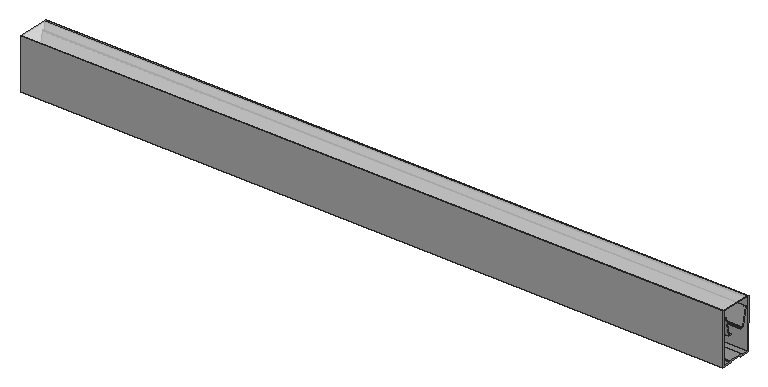
Revit family "2093115 Sylvania Lighting Fixture MC2 1-2M 4K DALI WHT OPAL Recessed", category Lighting Fixtures, host Face, Revit 2016
Family settings
  Host = Face
  Part Type = Normal
  Round Connector Dimension = Use Diameter
  OmniClass Number = 23.80.70.11.17
  OmniClass Title = Specialized Lighting by Location or Use
  Cut with Voids When Loaded = No
  Light Source = Yes
  Shared = No
  Room Calculation Point = No
Parameters (values of type "2093115 MC2 1.2M 4K DALI WHT OPAL Recessed")
  Width_SYL = 54.0 mm
  Weight = "2.5 kg"
  Wattage = 20.97 W
  WarrantyStartDate [instance] = "n/a"
  WarrantyGuarantorParts = "n/a"
  WarrantyDurationUnit = "n/a"
  WarrantyDurationParts = "n/a"
  WarrantyDescription = "n/a"
  built-in parameter 1150110 = 1 (stored number, unit not read)
  Voltage = 0 V
  VoidLengthRight_SYL [instance] = if(EndCapRight_SYL, Length_SYL / 2 + 2.0 mm, Length_SYL / 2)  # 600.0 mm
  VoidLengthLeft_SYL [instance] = if(EndCapLeft_SYL, Length_SYL / 2 + 2.0 mm, Length_SYL / 2)  # 600.0 mm
  URL = "http://www.sylvania-lighting.com"
  TypeName = "MC2 1.2M 4K DALI WHT OPAL Recessed"
  built-in parameter 1114217 = 1 (stored number, unit not read)
  Tilt Angle = -90.00°
  built-in parameter 1150109 = 1 (stored number, unit not read)
  built-in parameter 1150134 = 12
  built-in parameter 1150113 = 1 (stored number, unit not read)
  SerialNumber [instance] = "n/a"
  PowerFactor = 0.98
  PowerConsumption = "20.97 W"
  NominalWidth = 0.0 mm
  NominalLength = 1200.0 mm
  NominalHeight = 86.0 mm
  Name = "MC2 1.2M 4K DALI WHT OPAL Recessed"
  ModelReference = "MC2 1.2M 4K DALI WHT OPAL Recessed"
  ModelNumber = "2093115"
  Material_3_SYL = Metal_Sylvania_Mini Contiuum II_Silver
  Photometric Web File = "2093115.ies"
  Material_4_SYL = Metal_Sylvania_Mini Contiuum II_Silver
  Material = "aluminium housing, polycarbonate diffuser"
  ManufacturerName = "Feilo Sylvania"
  LuminousEfficacy = "112 lm/W"
  LuminaireType = ""
  LightOutputRatio = "100"
  Length_SYL = 1200.0 mm
  LampsType = Lamp  # "LED"
  LampNominalLuminous = "2340 lm"
  LampMacAdamStep = "3"
  LampColourTemperature = "4000 K"
  LampColourRenderingIndex = "80"
  Keynote = "16500"
  InstallationDate [instance] = "n/a"
  InputVoltage = "n/a"
  InputNominalFrequency = "n/a"
  IngressProtection = "IP20"
  ImpactProtectionIndex = "n/a"
  IfcExportType = "IfcLightFixtureType"
  IfcExportAs = "IfcLightFixtureType"
  Height_SYL = 86.0 mm
  ExpectedLife = 50000
  EndCapRight_SYL [instance] = no
  EndCapLeft_SYL [instance] = no
  Emit from Rectangle Width = Width_SYL - 2.0 mm  # 52.0 mm
  Emit from Rectangle Length = Length_SYL  # 1200.0 mm
  Emit Shape Visible in Rendering = no
  ElectricShockClassification = "Class I"
  DurationUnit = "hours"
  DocumentationLiterature = "http://www.sylvania-lighting.com/product/en-int/products/2093115"
  DimmingControlOptions = "n/a"
  CreatedOn = "10/15/2018"
  CreatedBy = "@sylvania-lighting.com"
  built-in parameter 1114216 [instance] = 1 (stored number, unit not read)
  Model = "MC2 1.2M 4K DALI WHT OPAL Recessed"
  Manufacturer = "Feilo Sylvania"
  built-in parameter 1150105 = 186.9 (stored number, unit not read)
  Lumens = 2348.64 lm
  built-in parameter 1150115 = 1 (stored number, unit not read)
  built-in parameter 1150137 = (empty or 0)
  built-in parameter 1150139 = (empty or 0)
  built-in parameter 1150112 = 1 (stored number, unit not read)
  built-in parameter 1150114 = 1 (stored number, unit not read)
  Lamp = "LED"
  built-in parameter 1150132 = 2
  built-in parameter 1150102 = (empty or 0)
  built-in parameter 1150107 = 4000 (stored number, unit not read)
  built-in parameter 1150138 = (empty or 0)
  built-in parameter 1150106 = 1.869 (stored number, unit not read)
  Material_1_SYL = Metal_Sylvania_Mini Continuum II_White
  built-in parameter 1150104 = 10.405 (stored number, unit not read)
  Dimming Lamp Color Temperature Shift = <None>
  Material_2_SYL = Polycarbonate_Sylvania_Mini Continuum II_Opal_4000K
  Description = "2093115   MC2 1.2M 4K DALI WHT OPAL  Continuous lines of LED light, white RAL 9016, direct distribution, trimless detail for a seamless finish, suitable for recessed, semi-recessed, surface-mounted or suspended installation either horizontally or vertically, various accessories available, compact and minimalist design based on the Golden Mean, ideal for offices, meeting rooms, corridors, education facilities, museums and libraries, extruded aluminium body, diffuser: opal, colour temperature: 4000K neutral white, total system power: 21W, total fixture output: 2207lm, luminaire efficacy: 105lm/W, LOR: 100%, colour rendering: Ra >80, LED Chromacity: 1 step MacAdam ellipse, lifetime: 60,000 hours at 90% of the original output (L90), energy class: A++, A+, A, IR/UV free light source without heat radiation, operating voltage: 220-240V / 50-60Hz, drive current: 800mA, electronic driver, DALI dimmable, electrical protection: CLASS I, IP20, suitable for internal internal environment only."
  Default Elevation = 0.0 mm
  Color Filter = 16777215
  built-in parameter 1140040 [instance] = 1
  BarCode [instance] = "n/a"
  built-in parameter 1114218 = 1 (stored number, unit not read)
  built-in parameter 1150133 = 10 (stored number, unit not read)
  AssetType = "Fixed"
  AssetIdentifier [instance] = "n/a"
  Assembly Code = "D5020200"
  Apparent Load = 20.97 VA
Reference planes
  plane 1 "Center (Front/Back)": y = 0
  plane 2 "Bottom Fixtures": z = 0
  plane 3 "Center (Left/Right)": x = 0
  plane 4 "Fixture Left": x = -600
  plane 5 "Fixture Right": x = 600
  plane 6 "Fixture Bottom": z = 0
  plane 7: z = -2
  plane 8: z = -4
  plane 9: z = -13.049
  plane 10: z = -43.049
  plane 11 "Fixture Top": z = -86
  plane 12 "Mounting Right": x = 572
  plane 13 "Mounting Left": x = -572
  plane 14: z = -121
  plane 15: y = 27
  plane 16: y = -27
  plane 17: y = -26
  plane 18: y = -25
  plane 19: y = 26
  plane 20: y = 25
  plane 21: y = 11
  plane 22: y = -11
  plane 23: y = 24
  plane 24: y = 22
  plane 25: y = -22
  plane 26: y = 15
  plane 27: y = -15
  plane 28 "Upper Diffuser Left": x = -450
  plane 29 "Upper Diffuser Right": x = 450
  plane 30: x = -602
  plane 31: x = 602
  plane 32: x = -600
  plane 33: x = 600
Forms (mm)
  Extrusion 1, solid, material "Metal_Sylvania_Mini Continuum II_White" <- "Material_1_SYL", detail levels fine
    sketch origin (0, 0, 520) x (0, 1, 0) y (0, 0, 1)
      loop
        line (27, -520) -> (26, -520) -> (26, -522) -> (25, -522) -> (25, -604) -> (13, -604) -> (13, -602) -> (-13, -602) -> (-13, -604) -> (-25, -604) -> (-25, -522) -> (-26, -522) -> (-26, -520) -> (-27, -520) -> (-27, -606) -> (-11, -606) -> (-11, -604) -> (11, -604) -> (11, -606) -> (27, -606) -> (27, -520)
    from -600 to 600
  Extrusion 2, solid, material "Polycarbonate_Sylvania_Mini Continuum II_Opal_4000K" <- "Material_2_SYL", detail levels fine
    sketch origin (0, 0, 520) x (0, 1, 0) y (0, 0, 1)
      loop
        line (-26, -520) -> (-26, -522) -> (26, -522) -> (26, -520) -> (-26, -520)
    from -600 to 600
  Extrusion 3, solid, material "Metal_Sylvania_Mini Contiuum II_Silver" <- "Material_3_SYL", detail levels fine
    sketch origin (0, 0, 520) x (0, 1, 0) y (0, 0, 1)
      loop
        line (22, -533.049) -> (20.973, -533.049) -> (14.206, -562.049) -> (11, -562.049) -> (11, -563.049) -> (15, -563.049) -> (22, -533.049)
      loop
        line (-15, -563.049) -> (-11, -563.049) -> (-11, -562.049) -> (-14.206, -562.049) -> (-20.973, -533.049) -> (-22, -533.049) -> (-15, -563.049)
    from -600 to 600
  Extrusion 4, solid, material "Metal_Sylvania_Mini Continuum II_White" <- "Material_1_SYL", detail levels coarse+medium
    sketch origin (0, 0, 520) x (0, 1, 0) y (0, 0, 1)
      loop
        line (-27, -520) -> (-27, -606) -> (27, -606) -> (27, -520) -> (-27, -520)
    from -600 to 600
  Extrusion 5, solid, material "Metal_Sylvania_Mini Continuum II_White" <- "Material_1_SYL", visible <- "EndCapLeft_SYL"
    sketch origin (-600, 171.684, 1219.2) x (0, 1, 0) y (0, 0, 1)
      loop
        line (-198.684, -1305.2) -> (-144.684, -1305.2) -> (-144.684, -1219.2) -> (-198.684, -1219.2) -> (-198.684, -1305.2)
    from 0 to -2
  Extrusion 6, solid, material "Metal_Sylvania_Mini Continuum II_White" <- "Material_1_SYL", visible <- "EndCapRight_SYL"
    sketch origin (600, 171.684, 1219.2) x (0, 1, 0) y (0, 0, -1)
      loop
        line (-144.684, 1219.2) -> (-144.684, 1305.2) -> (-198.684, 1305.2) -> (-198.684, 1219.2) -> (-144.684, 1219.2)
    from 0 to -2
  Extrusion 7, void
    sketch origin (0, 0, 0) x (1, 0, 0) y (0, 1, 0)
      loop
        line (-600, 27) -> (-600, -27) -> (600, -27) -> (600, 27) -> (-600, 27)
    from 0 to -86
Lines and regions (mm)
  Masking region 1
    outline origin (0, 0, -86) x (-1, 0, 0) y (0, -1, 0)
      loop
        line (600, -27) -> (600, 27) -> (-600, 27) -> (-600, -27) -> (600, -27)
  symbolic lines, detail levels fine
    curve 1: line (-600, 26, -86) -> (600, 26, -86)
    curve 2: line (-600, -26, -86) -> (600, -26, -86)
Dimensions and locks
  host sketch curve to plane 3 "Center (Left/Right)" to host sketch curve = 820.0 mm, 775.047 mm
  equal spacing: plane 4 "Fixture Left", plane 3 "Center (Left/Right)", plane 5 "Fixture Right"
  "Length_SYL": plane 4 "Fixture Left" to plane 5 "Fixture Right"
  plane 6 "Fixture Bottom" to plane 7 to plane 8 to plane 9 to plane 10 = 2.0 mm locked, 2.0 mm locked, 9.049 mm locked, 30.0 mm locked
  locked: Extrusion 1 sketch curve to Extrusion 1 sketch curve at 2
  locked: Extrusion 1 sketch curve to plane 11 "Fixture Top" at 2
  "Height_SYL": plane 6 "Fixture Bottom" to plane 11 "Fixture Top"
  locked: plane 12 "Mounting Right" to plane 5 "Fixture Right" at 28
  locked: plane 4 "Fixture Left" to plane 13 "Mounting Left" at 28
  locked: plane 11 "Fixture Top" to plane 14 at 35
  plane 6 "Fixture Bottom" to plane 2 "Bottom Fixtures" = 0.0 mm
  equal spacing: plane 15, plane 1 "Center (Front/Back)", plane 16
  "Width_SYL": plane 15 to plane 16
  plane 22 to plane 27 to plane 25 to plane 18 to plane 17 to plane 16 = 4.0 mm locked, 7.0 mm locked, 3.0 mm locked, 1.0 mm locked, 1.0 mm locked
  plane 15 to plane 19 to plane 20 to plane 23 to plane 24 to plane 26 to plane 21 = 1.0 mm locked, 1.0 mm locked, 1.0 mm locked, 2.0 mm locked, 7.0 mm locked, 4.0 mm locked
  locked: plane 4 "Fixture Left" to plane 28 "Upper Diffuser Left" at 150
  locked: plane 29 "Upper Diffuser Right" to plane 5 "Fixture Right" at 150
  equal spacing: plane 30, plane 3 "Center (Left/Right)", plane 31
  locked: plane 30 to plane 4 "Fixture Left" at 2
  plane 3 "Center (Left/Right)" to plane 33 = 600.0 mm
  "VoidLengthLeft_SYL": plane 32 to plane 3 "Center (Left/Right)"
  "VoidLengthRight_SYL": plane 3 "Center (Left/Right)" to plane 33
  aligned and locked: plane 2 "Bottom Fixtures" to host face
  aligned and locked: level to host face
  aligned and locked: plane 5 "Fixture Right" to curve 1
  aligned and locked: plane 4 "Fixture Left" to curve 1
  aligned and locked: plane 4 "Fixture Left" to curve 2
  aligned and locked: plane 5 "Fixture Right" to curve 2
  aligned and locked: Extrusion 1 sketch curve to plane 7
  aligned and locked: plane 6 "Fixture Bottom" to Extrusion 1 sketch curve  (x2)
  aligned and locked: plane 7 to Extrusion 1 sketch curve
  aligned and locked: Extrusion 1 to Extrusion 2 sketch curve
  aligned and locked: Extrusion 2 sketch curve to Extrusion 1  (x3)
  aligned and locked: Extrusion 3 sketch curve to plane 10
  aligned and locked: plane 9 to Extrusion 3 sketch curve
  aligned and locked: Extrusion 3 sketch curve to plane 9
  aligned and locked: Extrusion 4 sketch curve to plane 6 "Fixture Bottom"
  aligned and locked: Extrusion 4 to plane 4 "Fixture Left"
  aligned and locked: Extrusion 2 to plane 4 "Fixture Left"
  aligned and locked: Extrusion 3 to plane 4 "Fixture Left"
  aligned and locked: Extrusion 1 to plane 4 "Fixture Left"
  aligned and locked: Extrusion 4 to plane 5 "Fixture Right"
  aligned and locked: Extrusion 2 to plane 5 "Fixture Right"
  aligned and locked: Extrusion 3 to plane 5 "Fixture Right"
  aligned and locked: Extrusion 1 to plane 5 "Fixture Right"
  aligned and locked: plane 11 "Fixture Top" to Extrusion 4 sketch curve
  aligned and locked: Extrusion 1 sketch curve to plane 11 "Fixture Top"  (x2)
  aligned and locked: Extrusion 1 sketch curve to Extrusion 1 sketch curve
  aligned and locked: plane 6 "Fixture Bottom" to imposter light
  aligned and locked: plane 21 to Extrusion 3 sketch curve
  aligned and locked: plane 22 to Extrusion 3 sketch curve
  aligned and locked: Extrusion 5 sketch curve to Extrusion 4  (x4)
  aligned and locked: Extrusion 5 to plane 30
  aligned and locked: plane 4 "Fixture Left" to Extrusion 5
  aligned and locked: Extrusion 6 sketch curve to Extrusion 4  (x4)
  aligned and locked: plane 31 to Extrusion 6
  aligned and locked: plane 5 "Fixture Right" to Extrusion 6
  aligned and locked: Extrusion 7 sketch curve to Extrusion 5
  aligned and locked: Extrusion 7 sketch curve to Extrusion 6
  aligned and locked: level to Extrusion 7
  aligned and locked: plane 2 "Bottom Fixtures" to Extrusion 7
  aligned and locked: Extrusion 7 to plane 32
  aligned and locked: plane 33 to Extrusion 7
  aligned and locked: imposter light to plane 1 "Center (Front/Back)"
  aligned and locked: plane 3 "Center (Left/Right)" to imposter light
  aligned and locked: Extrusion 7 to Extrusion 1
Automatic sketch dimensions
  host sketch curve to host sketch curve = 1047.463 mm
  plane 19 to curve 1 = 0.0 mm
  curve 2 to plane 17 = 0.0 mm
  Masking region 1 sketch curve to plane 5 "Fixture Right" = 0.0 mm
  Masking region 1 sketch curve to plane 4 "Fixture Left" = 0.0 mm
  plane 15 to Masking region 1 sketch curve = 0.0 mm
  Masking region 1 sketch curve to plane 16 = 0.0 mm
  Extrusion 1 sketch curve to plane 16 = 0.0 mm
  Extrusion 1 sketch curve to plane 17 = 0.0 mm
  Extrusion 1 sketch curve to plane 18 = 0.0 mm
  Extrusion 1 sketch curve to plane 22 = 0.0 mm
  Extrusion 1 sketch curve to plane 21 = 0.0 mm
  Extrusion 1 sketch curve to plane 20 = 0.0 mm
  Extrusion 1 sketch curve to plane 19 = 0.0 mm
  Extrusion 1 sketch curve to plane 15 = 0.0 mm
  plane 11 "Fixture Top" to Extrusion 1 sketch curve = 2.0 mm
  Extrusion 1 sketch curve to plane 22 = 2.0 mm
  Extrusion 1 sketch curve to plane 21 = 2.0 mm
  Extrusion 3 sketch curve to plane 25 = 0.0 mm
  Extrusion 3 sketch curve to plane 27 = 0.0 mm
  Extrusion 3 sketch curve to plane 26 = 0.0 mm
  Extrusion 3 sketch curve to plane 24 = 0.0 mm
  plane 10 to Extrusion 3 sketch curve = 1.0 mm
  Extrusion 3 sketch curve to Extrusion 3 sketch curve = 1.027 mm
  plane 27 to Extrusion 3 sketch curve = 0.794 mm
  plane 26 to Extrusion 3 sketch curve = 0.794 mm
  plane 24 to Extrusion 3 sketch curve = 1.027 mm
  Extrusion 4 sketch curve to plane 16 = 0.0 mm
  Extrusion 4 sketch curve to plane 15 = 0.0 mm
  Extrusion 3 sketch curve to Extrusion 3 sketch curve = 0.0 mm
  Extrusion 3 sketch curve to plane 10 = 0.0 mm
  plane 30 to Extrusion 7 sketch curve = 2.0 mm
  Extrusion 7 sketch curve to plane 31 = 2.0 mm
Connectors
  electrical at (600, 0, -51), driven by "Apparent Load"
    settings: on Extrusion 1, index 1, voltage 230 V, apparent load 0 VA, apparent load phase1 20.97 VA, apparent load phase2 0 VA, apparent load phase3 0 VA, power factor 1, load classification "Lighting", number of poles 1, system type 31, power factor state 1, is connector primary yes, connector utility no, sub classification motor no, connector description ""
